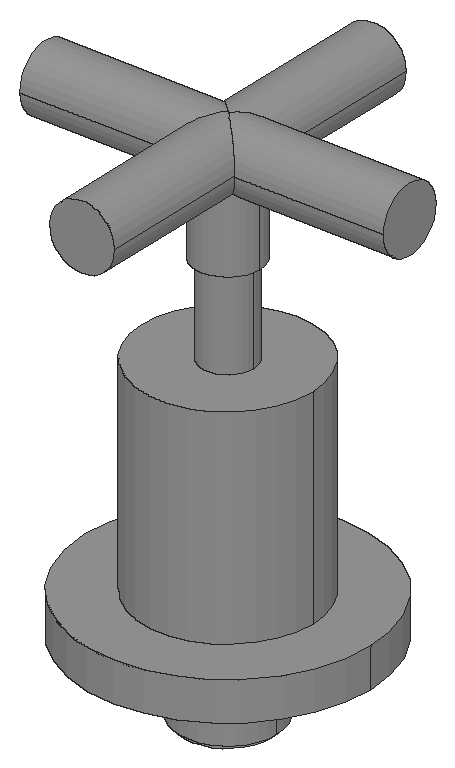
Revit family "Alma-BCROSHVB-Cora_Cross_Tap_Handle-Antique_Brass", category Plumbing Fixtures, host Face, Revit 2026
Family settings
  Host = Face
  Round Connector Dimension = Use Diameter
  Part Type = Normal
  Enable Cutting in Views = No
  Cut with Voids When Loaded = No
  Maintain Annotation Orientation = No
  Shared = No
  Room Calculation Point = No
Parameters (values of type "Cora Vintage Antique Brass")
  URL = "https://www.buildmat.com.au/products/cora-mixer"
  Model = "BCROSHGD"  # constant formula
  Material = Alma Antique Brass
  Manufacturer = "BUILDMAT"  # constant formula
  Description = "Cora Cross Tap Handle"  # constant formula
  Default Elevation = 1219.2 mm
  Created = "22.12.2023"  # constant formula
  Cost = 0
  Brand = "Alma"  # constant formula
Reference planes
  plane 1 "Center (Elevation)": y = 0
  plane 2 "Back": z = 0
  plane 3 "Centro (Izquierda/Derecha)": x = 0
  plane 4 "Left": x = -27.5
  plane 5 "Right": x = 27.5
  plane 6 "Top": y = 27.5
  plane 7 "Bottom": y = -27.5
  plane 8: x = -35
  plane 9: x = 35
  plane 10: y = 35
  plane 11: y = -35
  plane 12 "Front": z = 90
  plane 13: z = 7.5
  plane 14: z = 47.5
  plane 15: z = 83.75
  plane 16: z = 65
  plane 17: z = -5.5
  plane 18: z = -14
  plane 19: z = -15
Forms (mm)
  Extrusion 1, solid, material "Alma Antique Brass" <- "Material"
    sketch origin (0, 0, 0) x (0, 1, 0) y (0, 0, 1)
      loop
        circle (0, 83.75) r 6.25
    from -35 to 35
  Extrusion 2, solid, material "Alma Antique Brass" <- "Material"
    sketch origin (0, 0, 0) x (1, 0, 0) y (0, 0, 1)
      loop
        circle (0, 83.75) r 6.25
    from -35 to 35
  Extrusion 3, solid, material "Alma Antique Brass" <- "Material"
    sketch origin (0, 0, 90) x (1, 0, 0) y (0, 1, 0)
      loop
        circle (0, 0) r 6.25
    from -6.25 to -25
  Extrusion 4, solid, material "Alma Antique Brass" <- "Material"
    sketch origin (0, 0, 90) x (1, 0, 0) y (0, 1, 0)
      loop
        circle (-0.015, -0.013) r 5
    from -25 to -42.5
  Extrusion 5, solid, material "Alma Antique Brass" <- "Material"
    sketch origin (0, 0, 0) x (1, 0, 0) y (0, 1, 0)
      loop
        circle (-0.015, -0.013) r 16.5
    from 7.5 to 47.5
  Extrusion 6, solid, material "Alma Antique Brass" <- "Material"
    sketch origin (0, 0, 0) x (1, 0, 0) y (0, 1, 0)
      loop
        circle (-0.013, 0.015) r 27.487
    from 0 to 7.5
  Extrusion 7, solid, material "Alma Antique Brass" <- "Material"
    sketch origin (0, 0, 0) x (1, 0, 0) y (0, 1, 0)
      loop
        circle (-0.015, -0.013) r 8.5
    from 0 to -15
  Extrusion 8, solid, material "Alma Antique Brass" <- "Material"
    sketch origin (0, 0, 0) x (1, 0, 0) y (0, 1, 0)
      loop
        circle (0.013, -0.015) r 9.5
    from -5.5 to -14
  Extrusion 9, void
    sketch origin (0, 0, 0) x (1, 0, 0) y (0, 1, 0)
      loop
        circle (0.013, -0.015) r 10
    from 0 to -20
Cuts and joins
  Extrusion 9 cuts Extrusion 3
  joined: Extrusion 1, Extrusion 2, Extrusion 3, Extrusion 4, Extrusion 5, Extrusion 6, Extrusion 7, Extrusion 8
Text (mm)
  text "Refer to www.buildmat.com.au for the most current product literature. \nAllow a +/- 5mm tolerance for dimensions shown in the product literature. \nPlease note product details are subject to change due to ongoing product development." at (0.056, -1035.857, 0), in view "Nivel de referencia"
Dimensions and locks
  equal spacing: plane 6 "Top", plane 1 "Center (Elevation)", plane 7 "Bottom"
  plane 6 "Top" to plane 7 "Bottom" = 55 mm
  equal spacing: plane 4 "Left", plane 3 "Centro (Izquierda/Derecha)", plane 5 "Right"
  plane 4 "Left" to plane 5 "Right" = 55 mm
  plane 8 to plane 9 = 70 mm
  equal spacing: plane 8, plane 3 "Centro (Izquierda/Derecha)", plane 9
  equal spacing: plane 10, plane 1 "Center (Elevation)", plane 11
  plane 10 to plane 11 = 70 mm
  plane 2 "Back" to plane 12 "Front" = 90 mm
  plane 2 "Back" to plane 13 = 7.5 mm
  plane 2 "Back" to plane 14 = 47.5 mm
  plane 15 to plane 12 "Front" = 6.25 mm
  plane 16 to plane 12 "Front" = 25 mm
  plane 19 to plane 2 "Back" = 15 mm
  plane 2 "Back" to plane 17 to plane 18 = 5.5 mm, 8.5 mm
  aligned and locked: plane 2 "Back" to host face
  aligned and locked: level to host face
  aligned and locked: Extrusion 1 to plane 8
  aligned and locked: plane 9 to Extrusion 1
  aligned and locked: plane 10 to Extrusion 2
  aligned and locked: Extrusion 2 to plane 11
  aligned and locked: plane 16 to Extrusion 3
  aligned and locked: Extrusion 3 to plane 15
  aligned and locked: plane 16 to Extrusion 4
  aligned and locked: plane 14 to Extrusion 4
  aligned and locked: plane 13 to Extrusion 5
  aligned and locked: Extrusion 5 to plane 14
  aligned and locked: Extrusion 6 to plane 2 "Back"
  aligned and locked: Extrusion 6 to plane 13
  aligned and locked: plane 19 to Extrusion 7
  aligned and locked: plane 2 "Back" to Extrusion 7
  aligned and locked: plane 18 to Extrusion 8
  aligned and locked: Extrusion 8 to plane 17
  aligned and locked: plane 2 "Back" to Extrusion 9
Automatic sketch dimensions
  host sketch curve to host sketch curve = 2438.4 mm  (x2)
  Extrusion 1 sketch curve to plane 1 "Center (Elevation)" = 0 mm
  plane 12 "Front" to Extrusion 1 sketch curve = 6.25 mm
  Extrusion 2 sketch curve to plane 3 "Centro (Izquierda/Derecha)" = 0 mm
  plane 12 "Front" to Extrusion 2 sketch curve = 6.25 mm
  plane 1 "Center (Elevation)" to Extrusion 3 sketch curve = 0 mm
  Extrusion 3 sketch curve to plane 3 "Centro (Izquierda/Derecha)" = 0 mm
  Extrusion 4 sketch curve to plane 3 "Centro (Izquierda/Derecha)" = 0.015 mm
  plane 1 "Center (Elevation)" to Extrusion 4 sketch curve = 0.013 mm
  Extrusion 5 sketch curve to plane 3 "Centro (Izquierda/Derecha)" = 0.015 mm
  plane 1 "Center (Elevation)" to Extrusion 5 sketch curve = 0.013 mm
  Extrusion 6 sketch curve to plane 3 "Centro (Izquierda/Derecha)" = 0.013 mm
  Extrusion 6 sketch curve to plane 1 "Center (Elevation)" = 0.015 mm
  Extrusion 7 sketch curve to plane 3 "Centro (Izquierda/Derecha)" = 0.015 mm
  plane 1 "Center (Elevation)" to Extrusion 7 sketch curve = 0.013 mm
  plane 3 "Centro (Izquierda/Derecha)" to Extrusion 8 sketch curve = 0.013 mm
  plane 1 "Center (Elevation)" to Extrusion 8 sketch curve = 0.015 mm
  plane 3 "Centro (Izquierda/Derecha)" to Extrusion 9 sketch curve = 0.013 mm
  plane 1 "Center (Elevation)" to Extrusion 9 sketch curve = 0.015 mm
  radius of Extrusion 1 sketch curve = 6.25 mm
  radius of Extrusion 2 sketch curve = 6.25 mm
  radius of Extrusion 3 sketch curve = 6.25 mm
  radius of Extrusion 4 sketch curve = 5 mm
  radius of Extrusion 5 sketch curve = 16.5 mm
  radius of Extrusion 6 sketch curve = 27.487 mm
  radius of Extrusion 7 sketch curve = 8.5 mm
  radius of Extrusion 8 sketch curve = 9.5 mm
  radius of Extrusion 9 sketch curve = 10 mm
